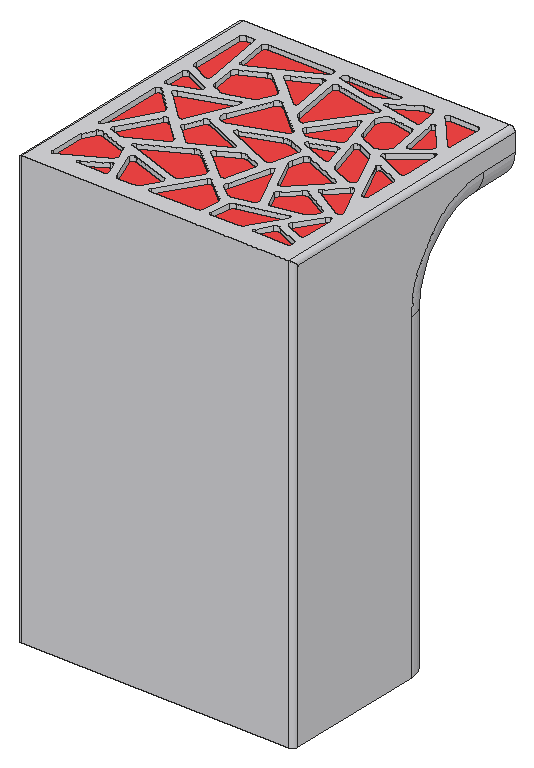
Revit family "Accessory-Robe_Hook-KOHLER-Strayt-K-37345X_1", category Specialty Equipment, host Face, Revit 2017
Family settings
  Host = Face
  Round Connector Dimension = Use Diameter
  Part Type = Normal
  OmniClass Number = 23.40.20.21.31
  OmniClass Title = Robe Hooks
  Cut with Voids When Loaded = No
  Shared = No
  Room Calculation Point = No
Parameters (values of type "CP-Polished Chrome")
  Width = 1 127/256"  # constant formula
  WaterSense Certified = 1 = 0  # no
  URL = "https://www.kohler.co.th/"
  Type = 1  # constant formula
  Product Page URL = "https://www.kohler.co.th/productDetails/37345X?skuid=37345X-CP"
  Product Name = "STRAYT"  # constant formula
  Product Documentation Link = ""
  Model = "K-37345X-CP"  # constant formula
  Material = "Solid Brass Construction"  # constant formula
  Master Format 2014 Name = "Toilet, Bath, and Laundry Accessories"  # constant formula
  Master Format 2014 = "10 28 00"  # constant formula
  Manufacturer Address = "16th Floor, Jasmine City Building 2, Soi Sukhumvit 23, Sukhumvit Road, Khlong Toei Nuea, Watthana, Bangkok 10110"  # constant formula
  Manufacturer = "KOHLER Co."  # constant formula
  Length = 2 93/256"  # constant formula
  Height = 1 127/256"  # constant formula
  Finish = Kohler-Metal-CP-Polished_Chrome
  Environmental Product Declaration = ""
  Description = "Towel Hanger"  # constant formula
  Default Elevation = 42"
  Declare Label = ""
  Date Modified = "08/28/2020"  # constant formula
  Date Created = "08/28/2020"  # constant formula
  Copyright = "Copyright KOHLER Co."  # constant formula
  Contact Us = "https://www.kohler.co.th/contact-us"
  Assembly Code = "C1030200"
  ADA Compliant = 1 = 0  # no
Reference planes (in)
  plane 1 "Center (Front/Back)": y = 0
  plane 2: z = 0
  plane 3 "Center (Left/Right)": x = 0
  plane 4: y = 1.02362
  plane 5: y = 0.99606
  plane 6: x = -0.74538
  plane 7: x = -0.72026
  plane 8: x = 0.75071
  plane 9: x = 0.72807
  plane 10: y = -0.44488
  plane 11: y = -0.47247
  plane 12: z = 2.36328
  plane 13: z = 2.33465
  plane 14: z = 2.11417
  plane 15: z = 2.08661
  plane 16: z = 1.69289
  plane 17: y = 0.29528
  plane 18: y = 0.47244
  plane 19: y = 0.86601
Dimensions and locks (in)
  "Height": plane 4 to plane 11
  plane 8 to plane 6 = 1 127/256"
  level to plane 15 = 2.08661"
  "Width": plane 6 to plane 8
  "Length": plane 12 to level
  aligned and locked: plane 2 to host face
  aligned and locked: level to host face
Automatic sketch dimensions
  host sketch curve to host sketch curve = 96"  (x2)
Nested families (in)
  nested 1: "K-37345X" at (0, 0, 0), type "K-37345X"
Definition of nested family "K-37345X"
  Parameters (values of type "K-37345X")
    Material = none
  Reference planes (in)
    plane 1 "Center (Front/Back)": y = 0
    plane 2: z = 0
    plane 3 "Center (Left/Right)": x = 0
    plane 4: y = 1.02362
    plane 5: y = 0.99606
    plane 6: x = 0.75075
    plane 7: x = -0.72042
    plane 8: x = -0.74531
    plane 9: y = -0.44488
    plane 10: y = -0.47244
    plane 11: z = 2.3622
    plane 12: z = 2.33465
    plane 13: z = 2.11417
    plane 14: z = 2.08661
    plane 15: z = 1.69289
    plane 16: y = 0.47244
    plane 17: y = 0.29528
    plane 18: y = 0.86601
    plane 19: z = 2.26378
    plane 20: x = 0.72823
  Forms (in)
    Extrusion 1, solid, material <- "Material", detail levels coarse
      sketch origin (0, 0, 0) x (1, 0, 0) y (0, 1, 0)
        loop
          line (0.84738, -0.55214) -> (0.84738, 0.52751) -> (-0.83347, 0.52751) -> (-0.83347, -0.55214) -> (0.84738, -0.55214)
      from 0 to 2.3622
    Extrusion 2, solid, material <- "Material", detail levels coarse
      sketch origin (0, 0, 0) x (1, 0, 0) y (0, 0, 1)
        loop
          line (0.84738, 2.3622) -> (-0.83347, 2.3622) -> (-0.83347, 1.99737) -> (0.84738, 1.99737) -> (0.84738, 2.3622)
      from -1.17809 to 0.55214
    Sweep 3, solid, material <- "Material", detail levels medium+fine
      path origin (0.00806, 0.00004, -0.00009) x (0, 1, 0) y (0, 0, 1)
        loop
          line (1.02349, 2.3623) -> (-0.47257, 2.3623) -> (-0.47257, 0.0001)
      profile origin (0.00806, -0.47253, 1.18111) x (1, 0, 0) y (0, 1, 0)
        loop
          arc (-0.7534, 0.02756) -> (-0.74547, 0.00809) -> (-0.72606, 0) r 0.02734
          line (-0.72606, 0) -> (0.71524, 0)
          arc (0.71524, 0) -> (0.73468, 0.00808) -> (0.74266, 0.02756) r 0.02742
          line (0.74266, 0.02756) -> (-0.7534, 0.02756)
    Extrusion 4, solid, material <- "Material", detail levels medium+fine
      sketch origin (0.00806, 0.00004, -0.00009) x (0, 1, 0) y (0, 0, 1)
        loop
          line (-0.44501, 0.0001) -> (0.32387, 0.0001) -> (0.32387, 1.74914)
          arc (0.32387, 1.74914) -> (0.46622, 2.0928) -> (0.80989, 2.23515) r 0.48602
          line (0.80989, 2.23515) -> (1.02349, 2.23515) -> (1.02349, 2.33475) -> (-0.44501, 2.33475) -> (-0.44501, 0.0001)
      from -0.7534 to 0.74266
    Sweep 5, solid, material <- "Material", detail levels medium+fine
      path origin (0.00806, 0.00004, -0.00009) x (0, 1, 0) y (0, 0, 1)
        loop
          line (0.32387, 0.0001) -> (0.32387, 1.74914)
          arc (0.32387, 1.74914) -> (0.46622, 2.0928) -> (0.80989, 2.23515) r 0.48602
          line (0.80989, 2.23515) -> (1.02349, 2.23515)
      profile origin (0.00806, 0.32392, 0.87453) x (0, -1, 0) y (1, 0, 0)
        loop
          arc (0, 0.74266) -> (-0.1064, 0.69867) -> (-0.15048, 0.59231) r 0.15035
          line (-0.15048, 0.59231) -> (-0.15048, -0.60305)
          arc (-0.15048, -0.60305) -> (-0.1064, -0.70941) -> (0, -0.7534) r 0.15035
          line (0, -0.7534) -> (0, 0.74266)
    Extrusion 6, void
      sketch origin (0.00806, 0.00004, -0.00009) x (1, 0, 0) y (0, 1, 0)
        loop
          line (-0.65511, 0.90352) -> (-0.65511, 0.60958)
          arc (-0.65511, 0.60958) -> (-0.65009, 0.5923) -> (-0.63659, 0.58041) r 0.03223
          line (-0.63659, 0.58041) -> (-0.54604, 0.53786)
          arc (-0.54604, 0.53786) -> (-0.5302, 0.53944) -> (-0.52406, 0.55413) r 0.01553
          line (-0.52406, 0.55413) -> (-0.57461, 0.90601)
          arc (-0.57461, 0.90601) -> (-0.58196, 0.91947) -> (-0.59633, 0.92484) r 0.02195
          line (-0.59633, 0.92484) -> (-0.6338, 0.92484)
          arc (-0.6338, 0.92484) -> (-0.64887, 0.91859) -> (-0.65511, 0.90352) r 0.02132
        loop
          line (-0.48557, 0.72031) -> (-0.15419, 0.88121)
          arc (-0.15419, 0.88121) -> (-0.14184, 0.90702) -> (-0.16423, 0.92484) r 0.02297
          line (-0.16423, 0.92484) -> (-0.51593, 0.92484)
          arc (-0.51593, 0.92484) -> (-0.53008, 0.91838) -> (-0.53446, 0.90345) r 0.01872
          line (-0.53446, 0.90345) -> (-0.51002, 0.73329)
          arc (-0.51002, 0.73329) -> (-0.50109, 0.72058) -> (-0.48557, 0.72031) r 0.01714
        loop
          line (-0.15208, 0.83847) -> (-0.2778, 0.77743)
          arc (-0.2778, 0.77743) -> (-0.29033, 0.76011) -> (-0.28284, 0.74009) r 0.02261
          line (-0.28284, 0.74009) -> (-0.11404, 0.59198)
          arc (-0.11404, 0.59198) -> (-0.09745, 0.59019) -> (-0.09016, 0.6052) r 0.0145
          line (-0.09016, 0.6052) -> (-0.12565, 0.82474)
          arc (-0.12565, 0.82474) -> (-0.13542, 0.83825) -> (-0.15208, 0.83847) r 0.01856
        loop
          line (-0.36844, 0.73341) -> (-0.48008, 0.6792)
          arc (-0.48008, 0.6792) -> (-0.49417, 0.66561) -> (-0.49753, 0.64634) r 0.03155
          line (-0.49753, 0.64634) -> (-0.47998, 0.52412)
          arc (-0.47998, 0.52412) -> (-0.47351, 0.50838) -> (-0.46035, 0.4976) r 0.03477
          line (-0.46035, 0.4976) -> (-0.42721, 0.48202)
          arc (-0.42721, 0.48202) -> (-0.40514, 0.47646) -> (-0.38261, 0.47958) r 0.05952
          line (-0.38261, 0.47958) -> (-0.26785, 0.51889)
          arc (-0.26785, 0.51889) -> (-0.2533, 0.52756) -> (-0.24349, 0.54137) r 0.04109
          line (-0.24349, 0.54137) -> (-0.21678, 0.60274)
          arc (-0.21678, 0.60274) -> (-0.21506, 0.62077) -> (-0.2243, 0.63635) r 0.02921
          line (-0.2243, 0.63635) -> (-0.32884, 0.72807)
          arc (-0.32884, 0.72807) -> (-0.34783, 0.73672) -> (-0.36844, 0.73341) r 0.03612
        loop
          line (-0.49264, 0.46927) -> (-0.63166, 0.53459)
          arc (-0.63166, 0.53459) -> (-0.64748, 0.53359) -> (-0.65511, 0.5197) r 0.01646
          line (-0.65511, 0.5197) -> (-0.65511, 0.41052)
          arc (-0.65511, 0.41052) -> (-0.64785, 0.39641) -> (-0.63216, 0.39411) r 0.01734
          line (-0.63216, 0.39411) -> (-0.49417, 0.44137)
          arc (-0.49417, 0.44137) -> (-0.484, 0.45481) -> (-0.49264, 0.46927) r 0.01507
        loop
          line (-0.30133, 0.4658) -> (-0.56659, 0.37495)
          arc (-0.56659, 0.37495) -> (-0.57751, 0.36276) -> (-0.5728, 0.34709) r 0.01673
          line (-0.5728, 0.34709) -> (-0.41748, 0.19702)
          arc (-0.41748, 0.19702) -> (-0.40288, 0.19272) -> (-0.39102, 0.20228) r 0.01642
          line (-0.39102, 0.20228) -> (-0.28436, 0.44742)
          arc (-0.28436, 0.44742) -> (-0.28685, 0.46214) -> (-0.30133, 0.4658) r 0.01367
        loop
          line (-0.08451, 0.81693) -> (-0.04006, 0.54197)
          arc (-0.04006, 0.54197) -> (-0.03457, 0.52609) -> (-0.02403, 0.51301) r 0.04892
          line (-0.02403, 0.51301) -> (0.00007, 0.49186)
          arc (0.00007, 0.49186) -> (0.01643, 0.48675) -> (0.0312, 0.49545) r 0.02113
          line (0.0312, 0.49545) -> (0.2167, 0.75481)
          arc (0.2167, 0.75481) -> (0.21867, 0.77048) -> (0.20662, 0.78069) r 0.01658
          line (0.20662, 0.78069) -> (-0.06326, 0.83722)
          arc (-0.06326, 0.83722) -> (-0.07922, 0.83266) -> (-0.08451, 0.81693) r 0.01782
        loop
          line (-0.0822, 0.88141) -> (0.08519, 0.84635)
          arc (0.08519, 0.84635) -> (0.10769, 0.84584) -> (0.12887, 0.85348) r 0.06144
          line (0.12887, 0.85348) -> (0.21028, 0.90122)
          arc (0.21028, 0.90122) -> (0.2161, 0.91548) -> (0.20387, 0.92484) r 0.01268
          line (0.20387, 0.92484) -> (-0.0777, 0.92484)
          arc (-0.0777, 0.92484) -> (-0.09953, 0.90515) -> (-0.0822, 0.88141) r 0.02195
        loop
          line (0.32838, 0.92484) -> (0.1965, 0.8475)
          arc (0.1965, 0.8475) -> (0.18988, 0.83341) -> (0.20064, 0.82216) r 0.01376
          line (0.20064, 0.82216) -> (0.39918, 0.78057)
          arc (0.39918, 0.78057) -> (0.41363, 0.78477) -> (0.41821, 0.79911) r 0.01601
          line (0.41821, 0.79911) -> (0.39921, 0.90369)
          arc (0.39921, 0.90369) -> (0.39038, 0.91885) -> (0.37387, 0.92484) r 0.02575
          line (0.37387, 0.92484) -> (0.32838, 0.92484)
        loop
          line (0.59443, 0.68395) -> (0.47724, 0.82064)
          arc (0.47724, 0.82064) -> (0.46285, 0.82369) -> (0.45614, 0.8106) r 0.0121
          line (0.45614, 0.8106) -> (0.49299, 0.60771)
          arc (0.49299, 0.60771) -> (0.50337, 0.59527) -> (0.51938, 0.59779) r 0.01643
          line (0.51938, 0.59779) -> (0.59169, 0.65528)
          arc (0.59169, 0.65528) -> (0.59915, 0.66903) -> (0.59443, 0.68395) r 0.02
        loop
          line (0.46009, 0.90113) -> (0.62026, 0.7143)
          arc (0.62026, 0.7143) -> (0.63525, 0.71042) -> (0.6441, 0.72312) r 0.01355
          line (0.6441, 0.72312) -> (0.6441, 0.90183)
          arc (0.6441, 0.90183) -> (0.63736, 0.9181) -> (0.6211, 0.92484) r 0.023
          line (0.6211, 0.92484) -> (0.47099, 0.92484)
          arc (0.47099, 0.92484) -> (0.45794, 0.91648) -> (0.46009, 0.90113) r 0.01436
        loop
          line (0.45913, 0.57384) -> (0.43345, 0.71522)
          arc (0.43345, 0.71522) -> (0.42591, 0.72985) -> (0.4115, 0.73777) r 0.02818
          line (0.4115, 0.73777) -> (0.30734, 0.75959)
          arc (0.30734, 0.75959) -> (0.25587, 0.74311) -> (0.24365, 0.69047) r 0.05473
          line (0.24365, 0.69047) -> (0.27762, 0.57588)
          arc (0.27762, 0.57588) -> (0.28723, 0.55832) -> (0.30323, 0.54628) r 0.04744
          line (0.30323, 0.54628) -> (0.38053, 0.51064)
          arc (0.38053, 0.51064) -> (0.39833, 0.50783) -> (0.41496, 0.51478) r 0.03307
          line (0.41496, 0.51478) -> (0.44629, 0.53969)
          arc (0.44629, 0.53969) -> (0.45743, 0.55499) -> (0.45913, 0.57384) r 0.03552
        loop
          arc (-0.62792, 0.3456) -> (-0.64534, 0.34883) -> (-0.65511, 0.33406) r 0.01604
          line (-0.65511, 0.33406) -> (-0.65511, -0.03859)
          arc (-0.65511, -0.03859) -> (-0.6461, -0.05024) -> (-0.63256, -0.04444) r 0.01203
          line (-0.63256, -0.04444) -> (-0.49982, 0.19439)
          arc (-0.49982, 0.19439) -> (-0.49676, 0.21122) -> (-0.50458, 0.22643) r 0.02659
          line (-0.50458, 0.22643) -> (-0.62792, 0.3456)
        loop
          line (-0.47199, 0.15826) -> (-0.58126, -0.03455)
          arc (-0.58126, -0.03455) -> (-0.58247, -0.05052) -> (-0.57093, -0.06162) r 0.0188
          line (-0.57093, -0.06162) -> (-0.51898, -0.07919)
          arc (-0.51898, -0.07919) -> (-0.49844, -0.08171) -> (-0.47859, -0.07588) r 0.05107
          line (-0.47859, -0.07588) -> (-0.31794, 0.0098)
          arc (-0.31794, 0.0098) -> (-0.30756, 0.02465) -> (-0.31346, 0.04177) r 0.01996
          line (-0.31346, 0.04177) -> (-0.43896, 0.16303)
          arc (-0.43896, 0.16303) -> (-0.45664, 0.16874) -> (-0.47199, 0.15826) r 0.02111
        loop
          line (-0.6217, -0.10589) -> (-0.65511, -0.16485) -> (-0.65511, -0.3578)
          arc (-0.65511, -0.3578) -> (-0.64582, -0.3738) -> (-0.62733, -0.37366) r 0.01842
          line (-0.62733, -0.37366) -> (-0.41244, -0.24663)
          arc (-0.41244, -0.24663) -> (-0.40187, -0.2337) -> (-0.40217, -0.217) r 0.02424
          line (-0.40217, -0.217) -> (-0.41928, -0.17282)
          arc (-0.41928, -0.17282) -> (-0.43094, -0.15535) -> (-0.4489, -0.14446) r 0.04839
          line (-0.4489, -0.14446) -> (-0.59408, -0.09535)
          arc (-0.59408, -0.09535) -> (-0.60978, -0.09565) -> (-0.6217, -0.10589) r 0.0232
        loop
          line (-0.40032, -0.2852) -> (-0.51213, -0.35129)
          arc (-0.51213, -0.35129) -> (-0.51778, -0.36524) -> (-0.50582, -0.37438) r 0.0124
          line (-0.50582, -0.37438) -> (-0.36735, -0.37438)
          arc (-0.36735, -0.37438) -> (-0.35258, -0.36659) -> (-0.35065, -0.35001) r 0.0179
          line (-0.35065, -0.35001) -> (-0.37195, -0.29503)
          arc (-0.37195, -0.29503) -> (-0.38386, -0.28354) -> (-0.40032, -0.2852) r 0.01968
        loop
          line (-0.36786, -0.19658) -> (-0.30554, -0.35748)
          arc (-0.30554, -0.35748) -> (-0.29583, -0.36975) -> (-0.28088, -0.37438) r 0.02645
          line (-0.28088, -0.37438) -> (-0.20827, -0.37438)
          arc (-0.20827, -0.37438) -> (-0.18861, -0.3693) -> (-0.17387, -0.35533) r 0.04059
          line (-0.17387, -0.35533) -> (-0.12442, -0.27639)
          arc (-0.12442, -0.27639) -> (-0.1228, -0.2616) -> (-0.13341, -0.25117) r 0.01706
          line (-0.13341, -0.25117) -> (-0.34999, -0.17791)
          arc (-0.34999, -0.17791) -> (-0.36486, -0.18156) -> (-0.36786, -0.19658) r 0.01426
        loop
          line (-0.41531, -0.11426) -> (-0.11113, -0.21714)
          arc (-0.11113, -0.21714) -> (-0.09389, -0.217) -> (-0.08045, -0.20621) r 0.02626
          line (-0.08045, -0.20621) -> (-0.02353, -0.11534)
          arc (-0.02353, -0.11534) -> (-0.02025, -0.09941) -> (-0.02818, -0.08522) r 0.0233
          line (-0.02818, -0.08522) -> (-0.15807, 0.02528)
          arc (-0.15807, 0.02528) -> (-0.17704, 0.03344) -> (-0.19731, 0.02952) r 0.03508
          line (-0.19731, 0.02952) -> (-0.41747, -0.0879)
          arc (-0.41747, -0.0879) -> (-0.42505, -0.10179) -> (-0.41531, -0.11426) r 0.01441
        loop
          line (0.00644, -0.14166) -> (-0.12534, -0.35203)
          arc (-0.12534, -0.35203) -> (-0.12575, -0.36685) -> (-0.11297, -0.37438) r 0.0146
          line (-0.11297, -0.37438) -> (0.1382, -0.37438)
          arc (0.1382, -0.37438) -> (0.153, -0.36884) -> (0.16052, -0.35495) r 0.02253
          line (0.16052, -0.35495) -> (0.1716, -0.27526)
          arc (0.1716, -0.27526) -> (0.16975, -0.25895) -> (0.16029, -0.24555) r 0.03304
          line (0.16029, -0.24555) -> (0.0333, -0.13752)
          arc (0.0333, -0.13752) -> (0.01892, -0.13345) -> (0.00644, -0.14166) r 0.01796
        loop
          line (0.21463, -0.25164) -> (0.2005, -0.35332)
          arc (0.2005, -0.35332) -> (0.20487, -0.36802) -> (0.21883, -0.37438) r 0.0185
          line (0.21883, -0.37438) -> (0.35203, -0.37438)
          arc (0.35203, -0.37438) -> (0.37234, -0.36916) -> (0.38763, -0.3548) r 0.04215
          line (0.38763, -0.3548) -> (0.49097, -0.19192)
          arc (0.49097, -0.19192) -> (0.49056, -0.17707) -> (0.47665, -0.17187) r 0.01329
          line (0.47665, -0.17187) -> (0.23441, -0.22986)
          arc (0.23441, -0.22986) -> (0.22116, -0.2377) -> (0.21463, -0.25164) r 0.0261
        loop
          line (0.4799, -0.28285) -> (0.43634, -0.35151)
          arc (0.43634, -0.35151) -> (0.43587, -0.36666) -> (0.44891, -0.37438) r 0.01489
          line (0.44891, -0.37438) -> (0.62236, -0.37438)
          arc (0.62236, -0.37438) -> (0.6453, -0.35586) -> (0.63206, -0.32952) r 0.02348
          line (0.63206, -0.32952) -> (0.50967, -0.27398)
          arc (0.50967, -0.27398) -> (0.49313, -0.27285) -> (0.4799, -0.28285) r 0.02367
        loop
          line (0.53442, -0.24198) -> (0.62144, -0.28146)
          arc (0.62144, -0.28146) -> (0.63675, -0.28034) -> (0.6441, -0.26686) r 0.01603
          line (0.6441, -0.26686) -> (0.6441, -0.09965)
          arc (0.6441, -0.09965) -> (0.62827, -0.07856) -> (0.6036, -0.08788) r 0.02196
          line (0.6036, -0.08788) -> (0.52528, -0.21132)
          arc (0.52528, -0.21132) -> (0.52287, -0.22873) -> (0.53442, -0.24198) r 0.02119
        loop
          line (0.30687, -0.06254) -> (0.34588, -0.14289)
          arc (0.34588, -0.14289) -> (0.35746, -0.15435) -> (0.37367, -0.15604) r 0.02454
          line (0.37367, -0.15604) -> (0.52073, -0.12083)
          arc (0.52073, -0.12083) -> (0.53671, -0.11356) -> (0.54877, -0.10081) r 0.04584
          line (0.54877, -0.10081) -> (0.56747, -0.07134)
          arc (0.56747, -0.07134) -> (0.57003, -0.05544) -> (0.56028, -0.04263) r 0.02042
          line (0.56028, -0.04263) -> (0.41615, 0.03896)
          arc (0.41615, 0.03896) -> (0.39763, 0.04259) -> (0.38062, 0.0344) r 0.02989
          line (0.38062, 0.0344) -> (0.31226, -0.03189)
          arc (0.31226, -0.03189) -> (0.3046, -0.04634) -> (0.30687, -0.06254) r 0.02654
        loop
          line (0.19221, -0.19948) -> (0.28788, -0.17657)
          arc (0.28788, -0.17657) -> (0.30308, -0.16424) -> (0.30298, -0.14466) r 0.02264
          line (0.30298, -0.14466) -> (0.185, 0.0983)
          arc (0.185, 0.0983) -> (0.17137, 0.10603) -> (0.15928, 0.09605) r 0.01382
          line (0.15928, 0.09605) -> (0.09882, -0.1158)
          arc (0.09882, -0.1158) -> (0.09897, -0.1347) -> (0.10933, -0.15051) r 0.0335
          line (0.10933, -0.15051) -> (0.15697, -0.19104)
          arc (0.15697, -0.19104) -> (0.17358, -0.19948) -> (0.19221, -0.19948) r 0.04001
        loop
          line (-0.11888, 0.04363) -> (0.03674, -0.08876)
          arc (0.03674, -0.08876) -> (0.05514, -0.09259) -> (0.06833, -0.0792) r 0.01962
          line (0.06833, -0.0792) -> (0.10814, 0.0603)
          arc (0.10814, 0.0603) -> (0.10652, 0.0799) -> (0.09238, 0.09357) r 0.02791
          line (0.09238, 0.09357) -> (0.01773, 0.12588)
          arc (0.01773, 0.12588) -> (-0.00104, 0.12937) -> (-0.01947, 0.12436) r 0.04287
          line (-0.01947, 0.12436) -> (-0.11571, 0.07303)
          arc (-0.11571, 0.07303) -> (-0.12507, 0.05917) -> (-0.11888, 0.04363) r 0.01788
        loop
          line (-0.35735, 0.13892) -> (-0.27252, 0.05696)
          arc (-0.27252, 0.05696) -> (-0.25626, 0.04903) -> (-0.23845, 0.05219) r 0.02923
          line (-0.23845, 0.05219) -> (-0.07467, 0.13954)
          arc (-0.07467, 0.13954) -> (-0.0668, 0.15328) -> (-0.07576, 0.16633) r 0.01489
          line (-0.07576, 0.16633) -> (-0.29832, 0.26263)
          arc (-0.29832, 0.26263) -> (-0.31483, 0.2629) -> (-0.3267, 0.25143) r 0.0216
          line (-0.3267, 0.25143) -> (-0.36309, 0.1678)
          arc (-0.36309, 0.1678) -> (-0.36474, 0.15246) -> (-0.35735, 0.13892) r 0.02583
        loop
          line (-0.15364, 0.24293) -> (0.10355, 0.13164)
          arc (0.10355, 0.13164) -> (0.12106, 0.13194) -> (0.13239, 0.1453) r 0.02123
          line (0.13239, 0.1453) -> (0.17034, 0.27826)
          arc (0.17034, 0.27826) -> (0.16895, 0.29403) -> (0.15738, 0.30484) r 0.02212
          line (0.15738, 0.30484) -> (0.07985, 0.33627)
          arc (0.07985, 0.33627) -> (0.05776, 0.34081) -> (0.0355, 0.33719) r 0.06223
          line (0.0355, 0.33719) -> (-0.15276, 0.26982)
          arc (-0.15276, 0.26982) -> (-0.16235, 0.25667) -> (-0.15364, 0.24293) r 0.01447
        loop
          line (0.2066, 0.26185) -> (0.19004, 0.20385)
          arc (0.19004, 0.20385) -> (0.18851, 0.18787) -> (0.19279, 0.1724) r 0.04421
          line (0.19279, 0.1724) -> (0.27005, 0.01328)
          arc (0.27005, 0.01328) -> (0.28247, 0.00391) -> (0.29734, 0.00848) r 0.0171
          line (0.29734, 0.00848) -> (0.45272, 0.15917)
          arc (0.45272, 0.15917) -> (0.4576, 0.17474) -> (0.44723, 0.18733) r 0.01712
          line (0.44723, 0.18733) -> (0.23238, 0.27443)
          arc (0.23238, 0.27443) -> (0.21669, 0.27389) -> (0.2066, 0.26185) r 0.01928
        loop
          line (0.52835, 0.17768) -> (0.44335, 0.09525)
          arc (0.44335, 0.09525) -> (0.43804, 0.08007) -> (0.44701, 0.06673) r 0.01795
          line (0.44701, 0.06673) -> (0.6197, -0.03102)
          arc (0.6197, -0.03102) -> (0.64102, -0.02846) -> (0.64491, -0.00734) r 0.01811
          line (0.64491, -0.00734) -> (0.55745, 0.17256)
          arc (0.55745, 0.17256) -> (0.54421, 0.18255) -> (0.52835, 0.17768) r 0.01824
        loop
          line (0.49655, 0.38791) -> (0.60723, 0.16022)
          arc (0.60723, 0.16022) -> (0.62904, 0.14979) -> (0.6441, 0.16871) r 0.01941
          line (0.6441, 0.16871) -> (0.6441, 0.32447)
          arc (0.6441, 0.32447) -> (0.63886, 0.34237) -> (0.6248, 0.35463) r 0.03321
          line (0.6248, 0.35463) -> (0.514, 0.40572)
          arc (0.514, 0.40572) -> (0.499, 0.40297) -> (0.49655, 0.38791) r 0.01324
        loop
          line (0.51971, 0.25021) -> (0.43182, 0.43102)
          arc (0.43182, 0.43102) -> (0.42172, 0.44504) -> (0.40751, 0.45484) r 0.05059
          line (0.40751, 0.45484) -> (0.32696, 0.49198)
          arc (0.32696, 0.49198) -> (0.31179, 0.48984) -> (0.30749, 0.47513) r 0.01414
          line (0.30749, 0.47513) -> (0.36505, 0.28094)
          arc (0.36505, 0.28094) -> (0.37462, 0.26393) -> (0.39062, 0.25276) r 0.04385
          line (0.39062, 0.25276) -> (0.48596, 0.21411)
          arc (0.48596, 0.21411) -> (0.51524, 0.22056) -> (0.51971, 0.25021) r 0.02647
        loop
          line (0.14446, 0.35256) -> (0.29631, 0.291)
          arc (0.29631, 0.291) -> (0.31159, 0.29371) -> (0.31577, 0.30866) r 0.01458
          line (0.31577, 0.30866) -> (0.28716, 0.40518)
          arc (0.28716, 0.40518) -> (0.27719, 0.41714) -> (0.26166, 0.41812) r 0.01968
          line (0.26166, 0.41812) -> (0.14495, 0.37636)
          arc (0.14495, 0.37636) -> (0.13651, 0.36463) -> (0.14446, 0.35256) r 0.01274
        loop
          line (-0.22268, 0.28662) -> (0.03246, 0.37791)
          arc (0.03246, 0.37791) -> (0.04328, 0.39057) -> (0.03787, 0.40632) r 0.01678
          line (0.03787, 0.40632) -> (-0.14732, 0.5688)
          arc (-0.14732, 0.5688) -> (-0.17279, 0.57531) -> (-0.19307, 0.55857) r 0.02902
          line (-0.19307, 0.55857) -> (-0.28323, 0.35134)
          arc (-0.28323, 0.35134) -> (-0.27422, 0.29909) -> (-0.22268, 0.28662) r 0.04829
        loop
          line (0.18927, 0.64878) -> (0.05904, 0.46669)
          arc (0.05904, 0.46669) -> (0.05505, 0.45125) -> (0.06245, 0.43712) r 0.02218
          line (0.06245, 0.43712) -> (0.08814, 0.41459)
          arc (0.08814, 0.41459) -> (0.10262, 0.40752) -> (0.11868, 0.40877) r 0.03065
          line (0.11868, 0.40877) -> (0.2514, 0.45626)
          arc (0.2514, 0.45626) -> (0.26301, 0.46649) -> (0.26441, 0.48191) r 0.02092
          line (0.26441, 0.48191) -> (0.21629, 0.64424)
          arc (0.21629, 0.64424) -> (0.2042, 0.65495) -> (0.18927, 0.64878) r 0.01524
        loop
          line (0.61988, 0.62739) -> (0.45933, 0.49976)
          arc (0.45933, 0.49976) -> (0.45342, 0.48537) -> (0.46258, 0.4728) r 0.01595
          line (0.46258, 0.4728) -> (0.62018, 0.40011)
          arc (0.62018, 0.40011) -> (0.63633, 0.40122) -> (0.6441, 0.41542) r 0.01686
          line (0.6441, 0.41542) -> (0.6441, 0.61571)
          arc (0.6441, 0.61571) -> (0.63566, 0.62915) -> (0.61988, 0.62739) r 0.01493
      from 2.319 to 2.547
    Extrusion 7, solid, detail levels medium+fine
      sketch origin (0.00806, 0.00004, -0.00009) x (1, 0, 0) y (0, 1, 0)
        loop
          line (-0.6676, -0.39803) -> (0.65503, -0.39803) -> (0.65503, 0.93561) -> (-0.6676, 0.93561) -> (-0.6676, -0.39803)
      from 2.29682 to 2.33951
  Cuts and joins
    joined: Extrusion 1, Extrusion 2
    Extrusion 6 cuts Sweep 3
    joined: Sweep 3, Extrusion 4, Sweep 5
  Lines and regions (in)
    Masking region 1
      outline origin (0.00275, 0, 0) x (1, 0, 0) y (0, 1, 0)
        loop
          line (-0.74812, 1.00365) -> (-0.74812, -0.44513)
          arc (-0.74812, -0.44513) -> (-0.74012, -0.46444) -> (-0.72081, -0.47244) r 0.02731
          line (-0.72081, -0.47244) -> (0.72036, -0.47244)
          arc (0.72036, -0.47244) -> (0.73991, -0.46434) -> (0.74801, -0.44479) r 0.02765
          line (0.74801, -0.44479) -> (0.74801, 1.00325)
          arc (0.74801, 1.00325) -> (0.74204, 1.01766) -> (0.72763, 1.02362) r 0.02037
          line (0.72763, 1.02362) -> (-0.72815, 1.02362)
          arc (-0.72815, 1.02362) -> (-0.74227, 1.01777) -> (-0.74812, 1.00365) r 0.01997
    Masking region 2
      outline origin (0.00812, 0, 0) x (1, 0, 0) y (0, 0, 1)
        loop
          line (-0.75343, 2.36223) -> (-0.75343, 0) -> (0.74257, 0) -> (0.74257, 2.36223) -> (-0.75343, 2.36223)
    Masking region 3
      outline origin (0, 0, 0) x (0, 1, 0) y (0, 0, 1)
        loop
          line (-0.47244, 2.3622) -> (-0.47244, 0) -> (0.47244, 0) -> (0.47244, 1.75048)
          arc (0.47244, 1.75048) -> (0.50095, 1.88478) -> (0.58037, 1.99677) r 0.33912
          arc (0.58037, 1.99677) -> (0.68595, 2.06334) -> (0.80857, 2.08661) r 0.33474
          line (0.80857, 2.08661) -> (1.00231, 2.08661)
          arc (1.00231, 2.08661) -> (1.01738, 2.09286) -> (1.02362, 2.10793) r 0.02132
          line (1.02362, 2.10793) -> (1.02362, 2.34234)
          arc (1.02362, 2.34234) -> (1.01781, 2.35639) -> (1.00376, 2.3622) r 0.01986
          line (1.00376, 2.3622) -> (-0.47244, 2.3622)
    symbolic lines, detail levels medium+fine
      curve 1: line (-0.72025, 0.99606, 0) -> (0.72826, 0.99606, 0)
      curve 2: line (-0.72025, -0.44488, 0) -> (-0.72025, 0.99606, 0)
      curve 3: line (-0.72025, -0.44488, 0) -> (0.72826, -0.44488, 0)
      curve 4: line (0.72826, -0.44488, 0) -> (0.72826, 0.99606, 0)
      curve 5: line (-0.74806, 0, 2.33465) -> (0.75069, 0, 2.33465)
      curve 6: line (0.60401, 0, 2.11417) -> (-0.5962, 0, 2.11417)
      curve 7: line (-0.59528, 0, 2.08661) -> (0.60068, 0, 2.08661)
      curve 8: line (0.72826, 0, 2.23842) -> (0.72826, 0, 2.3622)
      curve 9: line (-0.7205, 0, 2.33465) -> (-0.7205, 0, 2.26378)
      curve 10: arc (0.60401, 0, 2.11417) -> (0.69187, 0, 2.15056) -> (0.72826, 0, 2.23842) r 0.12425
      curve 11: line (-0.72045, 0, 2.23842) -> (-0.72045, 0, 2.3622)
      curve 12: arc (-0.5962, 0, 2.11417) -> (-0.68406, 0, 2.15056) -> (-0.72045, 0, 2.23842) r 0.12425
      curve 13: line (0, -0.44488, 0) -> (0, -0.44488, 2.3622)
      curve 14: line (0, -0.47244, 2.33465) -> (0, 0.99606, 2.33465)
      curve 15: line (0, 0.99606, 2.3622) -> (0, 0.99606, 2.08661)
      curve 16: line (0, 0.29528, 0) -> (0, 0.29528, 1.7502)
      curve 17: line (0, 0.99606, 2.26378) -> (0, 0.80886, 2.26378)
      curve 18: arc (0, 0.80886, 2.26378) -> (0, 0.4457, 2.11335) -> (0, 0.29528, 1.7502) r 0.51358
      curve 19: arc (0.60068, 0, 2.08661) -> (0.70675, 0, 2.13055) -> (0.75069, 0, 2.23663) r 0.15001
      curve 20: arc (-0.59528, 0, 2.08661) -> (-0.70135, 0, 2.13055) -> (-0.74529, 0, 2.23663) r 0.15001
      curve 21: line (-0.64706, 0.90356, 0) -> (-0.64706, 0.60963, 0)
      curve 22: line (-0.58827, 0.92488, 0) -> (-0.62574, 0.92488, 0)
      curve 23: arc (-0.62574, 0.92488, 0) -> (-0.64081, 0.91864, 0) -> (-0.64706, 0.90356, 0) r 0.02132
      curve 24: arc (-0.56655, 0.90605, 0) -> (-0.5739, 0.91952, 0) -> (-0.58827, 0.92488, 0) r 0.02195
      curve 25: line (-0.516, 0.55417, 0) -> (-0.56655, 0.90605, 0)
      curve 26: arc (-0.53798, 0.53791, 0) -> (-0.52214, 0.53948, 0) -> (-0.516, 0.55417, 0) r 0.01553
      curve 27: line (-0.62853, 0.58045, 0) -> (-0.53798, 0.53791, 0)
      curve 28: arc (-0.64706, 0.60963, 0) -> (-0.64203, 0.59235, 0) -> (-0.62853, 0.58045, 0) r 0.03223
      curve 29: line (-0.47751, 0.72035, 0) -> (-0.14614, 0.88126, 0)
      curve 30: arc (-0.50196, 0.73333, 0) -> (-0.49303, 0.72063, 0) -> (-0.47751, 0.72035, 0) r 0.01714
      curve 31: line (-0.52641, 0.9035, 0) -> (-0.50196, 0.73333, 0)
      curve 32: arc (-0.50788, 0.92488, 0) -> (-0.52202, 0.91842, 0) -> (-0.52641, 0.9035, 0) r 0.01872
      curve 33: line (-0.15617, 0.92488, 0) -> (-0.50788, 0.92488, 0)
      curve 34: arc (-0.14614, 0.88126, 0) -> (-0.13379, 0.90706, 0) -> (-0.15617, 0.92488, 0) r 0.02297
      curve 35: line (-0.48947, 0.64638, 0) -> (-0.47192, 0.52416, 0)
      curve 36: arc (-0.47203, 0.67924, 0) -> (-0.48611, 0.66566, 0) -> (-0.48947, 0.64638, 0) r 0.03155
      curve 37: line (-0.36038, 0.73346, 0) -> (-0.47203, 0.67924, 0)
      curve 38: arc (-0.32078, 0.72812, 0) -> (-0.33977, 0.73676, 0) -> (-0.36038, 0.73346, 0) r 0.03612
      curve 39: line (-0.21625, 0.6364, 0) -> (-0.32078, 0.72812, 0)
      curve 40: arc (-0.47192, 0.52416, 0) -> (-0.46545, 0.50842, 0) -> (-0.45229, 0.49764, 0) r 0.03477
      curve 41: line (-0.45229, 0.49764, 0) -> (-0.41915, 0.48207, 0)
      curve 42: arc (-0.41915, 0.48207, 0) -> (-0.39709, 0.4765, 0) -> (-0.37455, 0.47963, 0) r 0.05952
      curve 43: line (-0.37455, 0.47963, 0) -> (-0.25979, 0.51893, 0)
      curve 44: arc (-0.25979, 0.51893, 0) -> (-0.24524, 0.5276, 0) -> (-0.23543, 0.54141, 0) r 0.04109
      curve 45: line (-0.23543, 0.54141, 0) -> (-0.20873, 0.60278, 0)
      curve 46: arc (-0.20873, 0.60278, 0) -> (-0.20701, 0.62082, 0) -> (-0.21625, 0.6364, 0) r 0.02921
      curve 47: line (-0.27478, 0.74013, 0) -> (-0.10598, 0.59202, 0)
      curve 48: arc (-0.26974, 0.77747, 0) -> (-0.28227, 0.76015, 0) -> (-0.27478, 0.74013, 0) r 0.02261
      curve 49: line (-0.14403, 0.83852, 0) -> (-0.26974, 0.77747, 0)
      curve 50: arc (-0.11759, 0.82478, 0) -> (-0.12736, 0.83829, 0) -> (-0.14403, 0.83852, 0) r 0.01856
      curve 51: line (-0.0821, 0.60524, 0) -> (-0.11759, 0.82478, 0)
      curve 52: arc (-0.10598, 0.59202, 0) -> (-0.0894, 0.59024, 0) -> (-0.0821, 0.60524, 0) r 0.0145
      curve 53: line (-0.64706, 0.51974, 0) -> (-0.64706, 0.41056, 0)
      curve 54: arc (-0.6236, 0.53464, 0) -> (-0.63942, 0.53363, 0) -> (-0.64706, 0.51974, 0) r 0.01646
      curve 55: line (-0.48458, 0.46931, 0) -> (-0.6236, 0.53464, 0)
      curve 56: arc (-0.48611, 0.44142, 0) -> (-0.47595, 0.45485, 0) -> (-0.48458, 0.46931, 0) r 0.01507
      curve 57: line (-0.6241, 0.39416, 0) -> (-0.48611, 0.44142, 0)
      curve 58: arc (-0.64706, 0.41056, 0) -> (-0.6398, 0.39645, 0) -> (-0.6241, 0.39416, 0) r 0.01734
      curve 59: arc (-0.61986, 0.34564, 0) -> (-0.63728, 0.34887, 0) -> (-0.64706, 0.3341, 0) r 0.01604
      curve 60: line (-0.64706, 0.3341, 0) -> (-0.64706, -0.03855, 0)
      curve 61: line (-0.49652, 0.22647, 0) -> (-0.61986, 0.34564, 0)
      curve 62: line (-0.62451, -0.04439, 0) -> (-0.49176, 0.19444, 0)
      curve 63: arc (-0.49176, 0.19444, 0) -> (-0.4887, 0.21126, 0) -> (-0.49652, 0.22647, 0) r 0.02659
      curve 64: arc (-0.64706, -0.03855, 0) -> (-0.63804, -0.0502, 0) -> (-0.62451, -0.04439, 0) r 0.01203
      curve 65: line (-0.46393, 0.1583, 0) -> (-0.57321, -0.03451, 0)
      curve 66: arc (-0.4309, 0.16307, 0) -> (-0.44859, 0.16878, 0) -> (-0.46393, 0.1583, 0) r 0.02111
      curve 67: line (-0.30541, 0.04182, 0) -> (-0.4309, 0.16307, 0)
      curve 68: arc (-0.30988, 0.00984, 0) -> (-0.29951, 0.02469, 0) -> (-0.30541, 0.04182, 0) r 0.01996
      curve 69: line (-0.47053, -0.07583, 0) -> (-0.30988, 0.00984, 0)
      curve 70: arc (-0.51093, -0.07915, 0) -> (-0.49039, -0.08167, 0) -> (-0.47053, -0.07583, 0) r 0.05107
      curve 71: line (-0.56288, -0.06158, 0) -> (-0.51093, -0.07915, 0)
      curve 72: arc (-0.57321, -0.03451, 0) -> (-0.57441, -0.05047, 0) -> (-0.56288, -0.06158, 0) r 0.0188
      curve 73: line (-0.61364, -0.10585, 0) -> (-0.64706, -0.16481, 0)
      curve 74: line (-0.64706, -0.16481, 0) -> (-0.64706, -0.35776, 0)
      curve 75: arc (-0.64706, -0.35776, 0) -> (-0.63777, -0.37376, 0) -> (-0.61927, -0.37361, 0) r 0.01842
      curve 76: line (-0.61927, -0.37361, 0) -> (-0.40438, -0.24658, 0)
      curve 77: arc (-0.40438, -0.24658, 0) -> (-0.39381, -0.23366, 0) -> (-0.39411, -0.21696, 0) r 0.02424
      curve 78: line (-0.39411, -0.21696, 0) -> (-0.41122, -0.17278, 0)
      curve 79: arc (-0.41122, -0.17278, 0) -> (-0.42288, -0.1553, 0) -> (-0.44085, -0.14441, 0) r 0.04839
      curve 80: line (-0.44085, -0.14441, 0) -> (-0.58602, -0.09531, 0)
      curve 81: arc (-0.58602, -0.09531, 0) -> (-0.60173, -0.09561, 0) -> (-0.61364, -0.10585, 0) r 0.0232
      curve 82: line (-0.39226, -0.28515, 0) -> (-0.50407, -0.35125, 0)
      curve 83: arc (-0.50407, -0.35125, 0) -> (-0.50972, -0.3652, 0) -> (-0.49776, -0.37433, 0) r 0.0124
      curve 84: line (-0.49776, -0.37433, 0) -> (-0.35929, -0.37433, 0)
      curve 85: arc (-0.35929, -0.37433, 0) -> (-0.34452, -0.36655, 0) -> (-0.3426, -0.34997, 0) r 0.0179
      curve 86: line (-0.3426, -0.34997, 0) -> (-0.36389, -0.29499, 0)
      curve 87: arc (-0.36389, -0.29499, 0) -> (-0.3758, -0.2835, 0) -> (-0.39226, -0.28515, 0) r 0.01968
      curve 88: line (-0.3598, -0.19653, 0) -> (-0.29749, -0.35744, 0)
      curve 89: arc (-0.34193, -0.17787, 0) -> (-0.35681, -0.18152, 0) -> (-0.3598, -0.19653, 0) r 0.01426
      curve 90: line (-0.12535, -0.25113, 0) -> (-0.34193, -0.17787, 0)
      curve 91: arc (-0.11636, -0.27634, 0) -> (-0.11475, -0.26156, 0) -> (-0.12535, -0.25113, 0) r 0.01706
      curve 92: line (-0.16582, -0.35529, 0) -> (-0.11636, -0.27634, 0)
      curve 93: arc (-0.20021, -0.37433, 0) -> (-0.18055, -0.36925, 0) -> (-0.16582, -0.35529, 0) r 0.04059
      curve 94: line (-0.27282, -0.37433, 0) -> (-0.20021, -0.37433, 0)
      curve 95: arc (-0.29749, -0.35744, 0) -> (-0.28777, -0.3697, 0) -> (-0.27282, -0.37433, 0) r 0.02645
      curve 96: line (-0.40725, -0.11421, 0) -> (-0.10307, -0.2171, 0)
      curve 97: arc (-0.40942, -0.08786, 0) -> (-0.41699, -0.10175, 0) -> (-0.40725, -0.11421, 0) r 0.01441
      curve 98: line (-0.18925, 0.02956, 0) -> (-0.40942, -0.08786, 0)
      curve 99: arc (-0.10307, -0.2171, 0) -> (-0.08583, -0.21696, 0) -> (-0.0724, -0.20616, 0) r 0.02626
      curve 100: line (-0.0724, -0.20616, 0) -> (-0.01547, -0.1153, 0)
      curve 101: line (-0.02012, -0.08518, 0) -> (-0.15001, 0.02533, 0)
      curve 102: arc (-0.15001, 0.02533, 0) -> (-0.16898, 0.03348, 0) -> (-0.18925, 0.02956, 0) r 0.03508
      curve 103: arc (-0.01547, -0.1153, 0) -> (-0.01219, -0.09937, 0) -> (-0.02012, -0.08518, 0) r 0.0233
      curve 104: line (0.01449, -0.14162, 0) -> (-0.11729, -0.35199, 0)
      curve 105: arc (-0.11729, -0.35199, 0) -> (-0.11769, -0.36681, 0) -> (-0.10492, -0.37433, 0) r 0.0146
      curve 106: line (-0.10492, -0.37433, 0) -> (0.14626, -0.37433, 0)
      curve 107: arc (0.14626, -0.37433, 0) -> (0.16106, -0.36879, 0) -> (0.16858, -0.3549, 0) r 0.02253
      curve 108: line (0.16858, -0.3549, 0) -> (0.17966, -0.27522, 0)
      curve 109: arc (0.17966, -0.27522, 0) -> (0.17781, -0.25891, 0) -> (0.16834, -0.24551, 0) r 0.03304
      curve 110: line (0.16834, -0.24551, 0) -> (0.04136, -0.13748, 0)
      curve 111: arc (0.04136, -0.13748, 0) -> (0.02698, -0.1334, 0) -> (0.01449, -0.14162, 0) r 0.01796
      curve 112: line (-0.11082, 0.04367, 0) -> (0.0448, -0.08872, 0)
      curve 113: arc (-0.10765, 0.07308, 0) -> (-0.11702, 0.05921, 0) -> (-0.11082, 0.04367, 0) r 0.01788
      curve 114: line (-0.01141, 0.1244, 0) -> (-0.10765, 0.07308, 0)
      curve 115: arc (0.02579, 0.12592, 0) -> (0.00701, 0.12941, 0) -> (-0.01141, 0.1244, 0) r 0.04287
      curve 116: line (0.10044, 0.09362, 0) -> (0.02579, 0.12592, 0)
      curve 117: arc (0.11619, 0.06034, 0) -> (0.11458, 0.07995, 0) -> (0.10044, 0.09362, 0) r 0.02791
      curve 118: line (0.07638, -0.07916, 0) -> (0.11619, 0.06034, 0)
      curve 119: arc (0.0448, -0.08872, 0) -> (0.0632, -0.09255, 0) -> (0.07638, -0.07916, 0) r 0.01962
      curve 120: line (0.11739, -0.15047, 0) -> (0.16503, -0.191, 0)
      curve 121: arc (0.10688, -0.11575, 0) -> (0.10703, -0.13466, 0) -> (0.11739, -0.15047, 0) r 0.0335
      curve 122: line (0.16734, 0.0961, 0) -> (0.10688, -0.11575, 0)
      curve 123: arc (0.19306, 0.09834, 0) -> (0.17943, 0.10607, 0) -> (0.16734, 0.0961, 0) r 0.01382
      curve 124: line (0.31103, -0.14462, 0) -> (0.19306, 0.09834, 0)
      curve 125: arc (0.29594, -0.17653, 0) -> (0.31113, -0.16419, 0) -> (0.31103, -0.14462, 0) r 0.02264
      curve 126: line (0.20026, -0.19943, 0) -> (0.29594, -0.17653, 0)
      curve 127: arc (0.16503, -0.191, 0) -> (0.18164, -0.19943, 0) -> (0.20026, -0.19943, 0) r 0.04001
      curve 128: line (0.22269, -0.2516, 0) -> (0.20855, -0.35328, 0)
      curve 129: arc (0.24247, -0.22981, 0) -> (0.22921, -0.23765, 0) -> (0.22269, -0.2516, 0) r 0.0261
      curve 130: arc (0.20855, -0.35328, 0) -> (0.21293, -0.36798, 0) -> (0.22688, -0.37433, 0) r 0.0185
      curve 131: line (0.22688, -0.37433, 0) -> (0.36009, -0.37433, 0)
      curve 132: arc (0.36009, -0.37433, 0) -> (0.3804, -0.36912, 0) -> (0.39569, -0.35476, 0) r 0.04215
      curve 133: line (0.39569, -0.35476, 0) -> (0.49902, -0.19188, 0)
      curve 134: line (0.4847, -0.17183, 0) -> (0.24247, -0.22981, 0)
      curve 135: arc (0.49902, -0.19188, 0) -> (0.49862, -0.17703, 0) -> (0.4847, -0.17183, 0) r 0.01329
      curve 136: line (0.48796, -0.28281, 0) -> (0.4444, -0.35147, 0)
      curve 137: arc (0.4444, -0.35147, 0) -> (0.44392, -0.36662, 0) -> (0.45697, -0.37433, 0) r 0.01489
      curve 138: line (0.45697, -0.37433, 0) -> (0.63041, -0.37433, 0)
      curve 139: arc (0.63041, -0.37433, 0) -> (0.65336, -0.35582, 0) -> (0.64011, -0.32947, 0) r 0.02348
      curve 140: line (0.64011, -0.32947, 0) -> (0.51772, -0.27394, 0)
      curve 141: arc (0.51772, -0.27394, 0) -> (0.50118, -0.27281, 0) -> (0.48796, -0.28281, 0) r 0.02367
      curve 142: line (0.54248, -0.24194, 0) -> (0.6295, -0.28142, 0)
      curve 143: arc (0.53334, -0.21128, 0) -> (0.53092, -0.22869, 0) -> (0.54248, -0.24194, 0) r 0.02119
      curve 144: arc (0.6295, -0.28142, 0) -> (0.64481, -0.2803, 0) -> (0.65216, -0.26682, 0) r 0.01603
      curve 145: line (0.65216, -0.26682, 0) -> (0.65216, -0.09961, 0)
      curve 146: line (0.61165, -0.08784, 0) -> (0.53334, -0.21128, 0)
      curve 147: arc (0.65216, -0.09961, 0) -> (0.63632, -0.07852, 0) -> (0.61165, -0.08784, 0) r 0.02196
      curve 148: line (0.55683, -0.10077, 0) -> (0.57552, -0.0713, 0)
      curve 149: line (0.38173, -0.15599, 0) -> (0.52879, -0.12079, 0)
      curve 150: arc (0.52879, -0.12079, 0) -> (0.54476, -0.11351, 0) -> (0.55683, -0.10077, 0) r 0.04584
      curve 151: arc (0.35394, -0.14285, 0) -> (0.36552, -0.15431, 0) -> (0.38173, -0.15599, 0) r 0.02454
      curve 152: line (0.31492, -0.0625, 0) -> (0.35394, -0.14285, 0)
      curve 153: arc (0.32032, -0.03185, 0) -> (0.31266, -0.0463, 0) -> (0.31492, -0.0625, 0) r 0.02654
      curve 154: line (0.38868, 0.03445, 0) -> (0.32032, -0.03185, 0)
      curve 155: arc (0.42421, 0.039, 0) -> (0.40569, 0.04264, 0) -> (0.38868, 0.03445, 0) r 0.02989
      curve 156: line (0.56834, -0.04258, 0) -> (0.42421, 0.039, 0)
      curve 157: line (0.45506, 0.06678, 0) -> (0.62775, -0.03098, 0)
      curve 158: arc (0.45141, 0.09529, 0) -> (0.4461, 0.08012, 0) -> (0.45506, 0.06678, 0) r 0.01795
      curve 159: line (0.53641, 0.17773, 0) -> (0.45141, 0.09529, 0)
      curve 160: arc (0.56551, 0.17261, 0) -> (0.55227, 0.1826, 0) -> (0.53641, 0.17773, 0) r 0.01824
      curve 161: line (0.65296, -0.0073, 0) -> (0.56551, 0.17261, 0)
      curve 162: arc (0.62775, -0.03098, 0) -> (0.64908, -0.02842, 0) -> (0.65296, -0.0073, 0) r 0.01811
      curve 163: line (0.30539, 0.00852, 0) -> (0.46078, 0.15922, 0)
      curve 164: arc (0.27811, 0.01332, 0) -> (0.29052, 0.00395, 0) -> (0.30539, 0.00852, 0) r 0.0171
      curve 165: line (0.20084, 0.17245, 0) -> (0.27811, 0.01332, 0)
      curve 166: arc (0.1981, 0.20389, 0) -> (0.19657, 0.18792, 0) -> (0.20084, 0.17245, 0) r 0.04421
      curve 167: line (0.21465, 0.26189, 0) -> (0.1981, 0.20389, 0)
      curve 168: arc (0.24044, 0.27447, 0) -> (0.22474, 0.27393, 0) -> (0.21465, 0.26189, 0) r 0.01928
      curve 169: line (0.45529, 0.18737, 0) -> (0.24044, 0.27447, 0)
      curve 170: arc (0.46078, 0.15922, 0) -> (0.46566, 0.17478, 0) -> (0.45529, 0.18737, 0) r 0.01712
      curve 171: arc (0.11161, 0.13168, 0) -> (0.12912, 0.13198, 0) -> (0.14045, 0.14534, 0) r 0.02123
      curve 172: line (-0.14558, 0.24297, 0) -> (0.11161, 0.13168, 0)
      curve 173: arc (-0.14471, 0.26986, 0) -> (-0.15429, 0.25671, 0) -> (-0.14558, 0.24297, 0) r 0.01447
      curve 174: line (0.04356, 0.33723, 0) -> (-0.14471, 0.26986, 0)
      curve 175: arc (0.0879, 0.33631, 0) -> (0.06581, 0.34086, 0) -> (0.04356, 0.33723, 0) r 0.06223
      curve 176: line (0.16543, 0.30488, 0) -> (0.0879, 0.33631, 0)
      curve 177: arc (0.17839, 0.27831, 0) -> (0.177, 0.29408, 0) -> (0.16543, 0.30488, 0) r 0.02212
      curve 178: line (0.14045, 0.14534, 0) -> (0.17839, 0.27831, 0)
      curve 179: arc (-0.06661, 0.13958, 0) -> (-0.05875, 0.15332, 0) -> (-0.06771, 0.16638, 0) r 0.01489
      curve 180: line (-0.06771, 0.16638, 0) -> (-0.29026, 0.26268, 0)
      curve 181: arc (-0.29026, 0.26268, 0) -> (-0.30677, 0.26295, 0) -> (-0.31864, 0.25147, 0) r 0.0216
      curve 182: line (-0.31864, 0.25147, 0) -> (-0.35503, 0.16784, 0)
      curve 183: arc (-0.35503, 0.16784, 0) -> (-0.35668, 0.1525, 0) -> (-0.34929, 0.13896, 0) r 0.02583
      curve 184: line (-0.34929, 0.13896, 0) -> (-0.26447, 0.057, 0)
      curve 185: arc (-0.26447, 0.057, 0) -> (-0.24821, 0.04908, 0) -> (-0.2304, 0.05223, 0) r 0.02923
      curve 186: line (-0.2304, 0.05223, 0) -> (-0.06661, 0.13958, 0)
      curve 187: line (-0.38296, 0.20232, 0) -> (-0.27631, 0.44746, 0)
      curve 188: arc (-0.40943, 0.19706, 0) -> (-0.39482, 0.19277, 0) -> (-0.38296, 0.20232, 0) r 0.01642
      curve 189: line (-0.56474, 0.34713, 0) -> (-0.40943, 0.19706, 0)
      curve 190: arc (-0.55854, 0.375, 0) -> (-0.56945, 0.3628, 0) -> (-0.56474, 0.34713, 0) r 0.01673
      curve 191: line (-0.29327, 0.46585, 0) -> (-0.55854, 0.375, 0)
      curve 192: arc (-0.27631, 0.44746, 0) -> (-0.2788, 0.46218, 0) -> (-0.29327, 0.46585, 0) r 0.01367
      curve 193: line (-0.18501, 0.55861, 0) -> (-0.27517, 0.35139, 0)
      curve 194: arc (-0.27517, 0.35139, 0) -> (-0.26616, 0.29914, 0) -> (-0.21463, 0.28666, 0) r 0.04829
      curve 195: line (-0.21463, 0.28666, 0) -> (0.04051, 0.37796, 0)
      curve 196: arc (0.04051, 0.37796, 0) -> (0.05134, 0.39061, 0) -> (0.04592, 0.40636, 0) r 0.01678
      curve 197: line (0.04592, 0.40636, 0) -> (-0.13926, 0.56885, 0)
      curve 198: arc (-0.13926, 0.56885, 0) -> (-0.16474, 0.57535, 0) -> (-0.18501, 0.55861, 0) r 0.02902
      curve 199: line (-0.07645, 0.81697, 0) -> (-0.032, 0.54201, 0)
      curve 200: arc (-0.032, 0.54201, 0) -> (-0.02651, 0.52613, 0) -> (-0.01597, 0.51305, 0) r 0.04892
      curve 201: line (-0.01597, 0.51305, 0) -> (0.00813, 0.4919, 0)
      curve 202: arc (0.00813, 0.4919, 0) -> (0.02449, 0.48679, 0) -> (0.03926, 0.49549, 0) r 0.02113
      curve 203: line (0.03926, 0.49549, 0) -> (0.22476, 0.75485, 0)
      curve 204: arc (-0.0552, 0.83726, 0) -> (-0.07116, 0.83271, 0) -> (-0.07645, 0.81697, 0) r 0.01782
      curve 205: line (0.21467, 0.78073, 0) -> (-0.0552, 0.83726, 0)
      curve 206: arc (0.22476, 0.75485, 0) -> (0.22672, 0.77052, 0) -> (0.21467, 0.78073, 0) r 0.01658
      curve 207: line (0.13692, 0.85352, 0) -> (0.21834, 0.90127, 0)
      curve 208: arc (0.09325, 0.84639, 0) -> (0.11575, 0.84589, 0) -> (0.13692, 0.85352, 0) r 0.06144
      curve 209: line (-0.07414, 0.88145, 0) -> (0.09325, 0.84639, 0)
      curve 210: arc (-0.06964, 0.92488, 0) -> (-0.09147, 0.9052, 0) -> (-0.07414, 0.88145, 0) r 0.02195
      curve 211: line (0.21193, 0.92488, 0) -> (-0.06964, 0.92488, 0)
      curve 212: arc (0.21834, 0.90127, 0) -> (0.22416, 0.91553, 0) -> (0.21193, 0.92488, 0) r 0.01268
      curve 213: line (0.33644, 0.92488, 0) -> (0.20456, 0.84755, 0)
      curve 214: arc (0.20456, 0.84755, 0) -> (0.19794, 0.83346, 0) -> (0.2087, 0.82221, 0) r 0.01376
      curve 215: line (0.2087, 0.82221, 0) -> (0.40723, 0.78062, 0)
      curve 216: arc (0.40723, 0.78062, 0) -> (0.42168, 0.78482, 0) -> (0.42627, 0.79915, 0) r 0.01601
      curve 217: line (0.42627, 0.79915, 0) -> (0.40727, 0.90373, 0)
      curve 218: arc (0.40727, 0.90373, 0) -> (0.39843, 0.9189, 0) -> (0.38193, 0.92488, 0) r 0.02575
      curve 219: line (0.38193, 0.92488, 0) -> (0.33644, 0.92488, 0)
      curve 220: line (0.46419, 0.81064, 0) -> (0.50105, 0.60776, 0)
      curve 221: arc (0.48529, 0.82069, 0) -> (0.4709, 0.82374, 0) -> (0.46419, 0.81064, 0) r 0.0121
      curve 222: line (0.60248, 0.68399, 0) -> (0.48529, 0.82069, 0)
      curve 223: arc (0.59975, 0.65532, 0) -> (0.60721, 0.66907, 0) -> (0.60248, 0.68399, 0) r 0.02
      curve 224: line (0.52743, 0.59783, 0) -> (0.59975, 0.65532, 0)
      curve 225: arc (0.50105, 0.60776, 0) -> (0.51143, 0.59532, 0) -> (0.52743, 0.59783, 0) r 0.01643
      curve 226: arc (0.62832, 0.71435, 0) -> (0.64331, 0.71046, 0) -> (0.65216, 0.72317, 0) r 0.01355
      curve 227: line (0.46814, 0.90118, 0) -> (0.62832, 0.71435, 0)
      curve 228: arc (0.47904, 0.92488, 0) -> (0.466, 0.91652, 0) -> (0.46814, 0.90118, 0) r 0.01436
      curve 229: line (0.62915, 0.92488, 0) -> (0.47904, 0.92488, 0)
      curve 230: arc (0.65216, 0.90188, 0) -> (0.64542, 0.91814, 0) -> (0.62915, 0.92488, 0) r 0.023
      curve 231: line (0.65216, 0.72317, 0) -> (0.65216, 0.90188, 0)
      curve 232: line (0.41956, 0.73781, 0) -> (0.3154, 0.75963, 0)
      curve 233: arc (0.3154, 0.75963, 0) -> (0.26393, 0.74315, 0) -> (0.25171, 0.69051, 0) r 0.05473
      curve 234: line (0.25171, 0.69051, 0) -> (0.28567, 0.57593, 0)
      curve 235: arc (0.28567, 0.57593, 0) -> (0.29529, 0.55836, 0) -> (0.31129, 0.54633, 0) r 0.04744
      curve 236: line (0.31129, 0.54633, 0) -> (0.38858, 0.51068, 0)
      curve 237: arc (0.38858, 0.51068, 0) -> (0.40639, 0.50788, 0) -> (0.42302, 0.51483, 0) r 0.03307
      curve 238: line (0.42302, 0.51483, 0) -> (0.45435, 0.53973, 0)
      curve 239: arc (0.45435, 0.53973, 0) -> (0.46549, 0.55503, 0) -> (0.46719, 0.57388, 0) r 0.03552
      curve 240: line (0.46719, 0.57388, 0) -> (0.44151, 0.71527, 0)
      curve 241: arc (0.44151, 0.71527, 0) -> (0.43397, 0.72989, 0) -> (0.41956, 0.73781, 0) r 0.02818
      curve 242: line (0.19733, 0.64882, 0) -> (0.0671, 0.46674, 0)
      curve 243: arc (0.22435, 0.64429, 0) -> (0.21225, 0.65499, 0) -> (0.19733, 0.64882, 0) r 0.01524
      curve 244: line (0.27247, 0.48195, 0) -> (0.22435, 0.64429, 0)
      curve 245: arc (0.25946, 0.4563, 0) -> (0.27107, 0.46654, 0) -> (0.27247, 0.48195, 0) r 0.02092
      curve 246: line (0.12673, 0.40881, 0) -> (0.25946, 0.4563, 0)
      curve 247: line (0.07051, 0.43717, 0) -> (0.0962, 0.41463, 0)
      curve 248: arc (0.0962, 0.41463, 0) -> (0.11067, 0.40756, 0) -> (0.12673, 0.40881, 0) r 0.03065
      curve 249: arc (0.0671, 0.46674, 0) -> (0.0631, 0.45129, 0) -> (0.07051, 0.43717, 0) r 0.02218
      curve 250: line (0.31554, 0.47517, 0) -> (0.37311, 0.28098, 0)
      curve 251: arc (0.33502, 0.49203, 0) -> (0.31985, 0.48988, 0) -> (0.31554, 0.47517, 0) r 0.01414
      curve 252: line (0.41556, 0.45488, 0) -> (0.33502, 0.49203, 0)
      curve 253: arc (0.43987, 0.43106, 0) -> (0.42978, 0.44508, 0) -> (0.41556, 0.45488, 0) r 0.05059
      curve 254: line (0.52776, 0.25026, 0) -> (0.43987, 0.43106, 0)
      curve 255: arc (0.49401, 0.21415, 0) -> (0.52329, 0.22061, 0) -> (0.52776, 0.25026, 0) r 0.02647
      curve 256: line (0.39867, 0.25281, 0) -> (0.49401, 0.21415, 0)
      curve 257: arc (0.37311, 0.28098, 0) -> (0.38268, 0.26398, 0) -> (0.39867, 0.25281, 0) r 0.04385
      curve 258: arc (0.30436, 0.29104, 0) -> (0.31964, 0.29375, 0) -> (0.32383, 0.3087, 0) r 0.01458
      curve 259: line (0.32383, 0.3087, 0) -> (0.29521, 0.40522, 0)
      curve 260: arc (0.29521, 0.40522, 0) -> (0.28525, 0.41718, 0) -> (0.26972, 0.41816, 0) r 0.01968
      curve 261: line (0.26972, 0.41816, 0) -> (0.15301, 0.3764, 0)
      curve 262: arc (0.15301, 0.3764, 0) -> (0.14457, 0.36467, 0) -> (0.15252, 0.3526, 0) r 0.01274
      curve 263: line (0.15252, 0.3526, 0) -> (0.30436, 0.29104, 0)
      curve 264: line (0.5046, 0.38795, 0) -> (0.61528, 0.16027, 0)
      curve 265: arc (0.52206, 0.40577, 0) -> (0.50705, 0.40301, 0) -> (0.5046, 0.38795, 0) r 0.01324
      curve 266: line (0.63285, 0.35467, 0) -> (0.52206, 0.40577, 0)
      curve 267: arc (0.65216, 0.32451, 0) -> (0.64692, 0.34241, 0) -> (0.63285, 0.35467, 0) r 0.03321
      curve 268: line (0.65216, 0.16876, 0) -> (0.65216, 0.32451, 0)
      curve 269: arc (0.61528, 0.16027, 0) -> (0.6371, 0.14984, 0) -> (0.65216, 0.16876, 0) r 0.01941
      curve 270: line (0.47063, 0.47284, 0) -> (0.62824, 0.40015, 0)
      curve 271: arc (0.46739, 0.4998, 0) -> (0.46148, 0.48542, 0) -> (0.47063, 0.47284, 0) r 0.01595
      curve 272: line (0.62794, 0.62744, 0) -> (0.46739, 0.4998, 0)
      curve 273: arc (0.65216, 0.61575, 0) -> (0.64372, 0.6292, 0) -> (0.62794, 0.62744, 0) r 0.01493
      curve 274: line (0.65216, 0.41546, 0) -> (0.65216, 0.61575, 0)
      curve 275: arc (0.62824, 0.40015, 0) -> (0.64439, 0.40126, 0) -> (0.65216, 0.41546, 0) r 0.01686
  Dimensions and locks (in)
    plane 11 to level = 2.3622"
    aligned and locked: plane 2 to level
